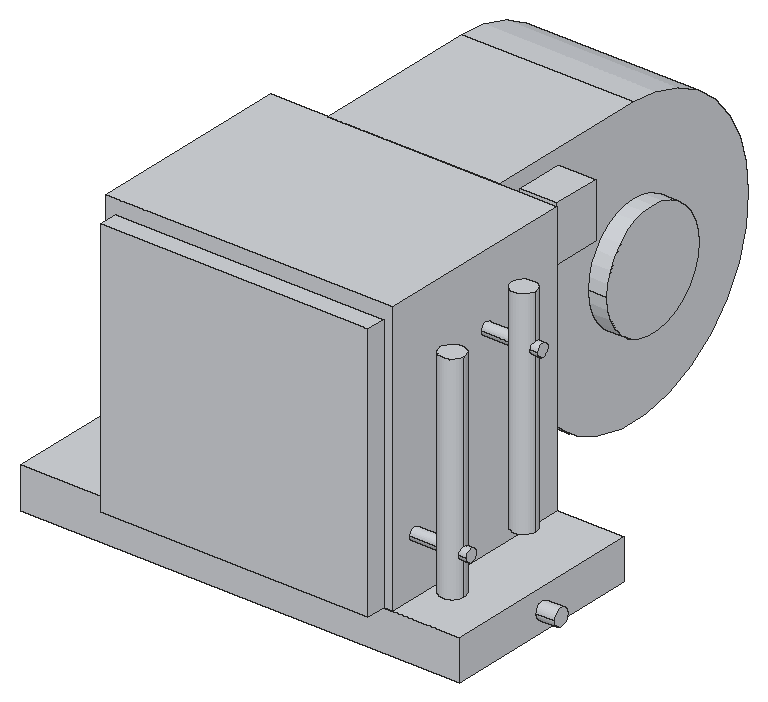
Revit family "5a932db30aa64702bc346e681067b5a9", category Mechanical Equipment, Revit 2021
Family settings
  Round Connector Dimension = Use Diameter
  Part Type = Normal
  OmniClass Number = 23.75.70.17.27
  OmniClass Title = Fan Coil Units
  Seek Item ID = Fan Coil Unit - Horizontal Ducted - CHW-0000-USA-ENU
  Work Plane-Based = No
  Always vertical = Yes
  Cut with Voids When Loaded = No
  Shared = No
  Room Calculation Point = No
Parameters (values of type "600 CFM")
  Water Pressure Drop [instance] = 1.40 psi
  Voltage = 120 V
  Unit Length = 1' - 11"
  Total Cooling Capacity = 19700 Btu/h
  Supply Air Width = 14"
  Sensible Cooling Capacity = 14400 Btu/h
  Number of Poles = 1
  Nominal Air Flow [instance] = 600 CFM
  Load Classification = Cooling
  Length 2 = 0' - 1 1/4"
  Length 1 = 0' - 6 1/2"
  Fan 2 = no
  Fan 1 = yes
  External Static Pressure [instance] = 0.30 in-wg
  Drain Flow [instance] = 0 GPM
  Default Elevation = 0' - 0"
  Coil Length = 1' - 3"
  Chilled Water Flow [instance] = 4 GPM
  CFU Material = none
  C2 Offset 1 = 0' - 3 5/8"
  Assembly Code = ""
  Apparent Load = 280 VA
Types (8): name | Water Pressure Drop | Unit Length | Total Cooling Capacity | Supply Air Width | Sensible Cooling Capacity | Nominal Air Flow | Length 2 | Length 1 | Fan 2 | Fan 1 | Coil Length | Chilled Water Flow | C2 Offset 1 | Apparent Load
  600 CFM | 1.40 psi | 1' - 11" | 19700 Btu/h | 14" | 14400 Btu/h | 600 CFM | 0' - 1 1/4" | 0' - 6 1/2" | no | yes | 1' - 3" | 4 GPM | 0' - 3 5/8" | 280 VA
  800 CFM | 3.10 psi | 2' - 4" | 29400 Btu/h | 19" | 20600 Btu/h | 800 CFM | 0' - 1 1/4" | 0' - 6 1/2" | no | yes | 1' - 8" | 6 GPM | 0' - 3 5/8" | 330 VA
  1000 CFM | 6.50 psi | 2' - 8" | 38500 Btu/h | 23" | 26400 Btu/h | 1000 CFM | 0' - 1 1/4" | 0' - 6 1/2" | no | yes | 2' - 0" | 8 GPM | 0' - 3 5/8" | 470 VA
  1200 CFM | 13.00 psi | 3' - 1" | 47600 Btu/h | 28" | 32300 Btu/h | 1200 CFM | 0' - 0" | 0' - 2" | yes | no | 2' - 5" | 10 GPM | 0' - 3 5/8" | 550 VA
  1400 CFM | 21.00 psi | 3' - 6" | 52800 Btu/h | 33" | 36500 Btu/h | 1400 CFM | 0' - 0" | 0' - 2" | yes | no | 2' - 10" | 11 GPM | 0' - 3 1/16" | 650 VA
  1600 CFM | 25.00 psi | 3' - 11" | 64700 Btu/h | 38" | 43600 Btu/h | 1600 CFM | 0' - 0" | 0' - 2" | yes | no | 3' - 3" | 15 GPM | 0' - 3 1/16" | 900 VA
  1800 CFM | 25.00 psi | 4' - 4" | 75700 Btu/h | 43" | 50400 Btu/h | 1800 CFM | 0' - 0" | 0' - 2" | yes | no | 3' - 8" | 19 GPM | 0' - 3 1/16" | 1180 VA
  2000 CFM | 25.00 psi | 4' - 8" | 82400 Btu/h | 47" | 55200 Btu/h | 2000 CFM | 0' - 0" | 0' - 2" | yes | no | 4' - 0" | 19 GPM | 0' - 3 1/16" | 1180 VA
Reference planes (in)
  plane 1 "Center (Front/Back)": y = 0
  plane 2: z = 0
  plane 3 "Center (Left/Right)": x = 0
  plane 4: y = 27
  plane 5: x = 23
  plane 6: x = 4.5
  plane 7: x = 19.5
  plane 8: x = 12
  plane 9: x = 5
  plane 10: x = 19
  plane 11: y = -1
  plane 12: y = 1.375
  plane 13: y = 9.375
  plane 14: y = 10.75
  plane 15: z = 16.375
  plane 16: z = 15.625
  plane 17: x = 21.5
  plane 18: y = 6.0625
  plane 19: y = 2.8125
  plane 20: z = 5.9375
  plane 21: z = 15.375
  plane 22: z = 14.375
  plane 23: z = 3.125
  plane 24: z = 4.125
  plane 25: x = 22.5
  plane 26: z = 12.75
  plane 27: z = 5.1875
  plane 28: y = 12
  plane 29: y = 19.5
  plane 30: z = 2.375
  plane 31: z = 1.375
  plane 32: z = 8.875
  plane 33: x = 7.5
  plane 34: x = 16.5
  plane 35: x = 12
  plane 36: x = 15.75
  plane 37: x = 8.25
  plane 38: x = 3.75
  plane 39: x = 12.75
  plane 40: x = 11.25
  plane 41: x = 20.25
  plane 42: x = 13.75
  plane 43: x = 17.5
  plane 44: x = 21.25
  plane 45: y = 5.375
  plane 46: x = 24
  plane 47: z = 1.0625
  plane 48: z = 2.125
  plane 49: x = 21
  plane 50: x = 18.5
  plane 51: y = 14.5
  plane 52: y = 12
Forms (in)
  Extrusion 1, solid, material <- "CFU Material"
    sketch origin (0, 0, 0) x (1, 0, 0) y (0, 1, 0)
      loop
        line (0, 10.75) -> (0, 0) -> (23, 0) -> (23, 10.75) -> (0, 10.75)
    from 0 to 2.125
  Extrusion 2, solid, material <- "CFU Material"
    sketch origin (0, 0, 0) x (1, 0, 0) y (0, 1, 0)
      loop
        line (4.5, 10.75) -> (4.5, 0) -> (19.5, 0) -> (19.5, 10.75) -> (4.5, 10.75)
    from 2.125 to 16.375
  Extrusion 3, solid, material <- "CFU Material"
    sketch origin (0, 0, 0) x (1, 0, 0) y (0, 1, 0)
      loop
        line (5, 0) -> (5, -1) -> (19, -1) -> (19, 0) -> (5, 0)
    from 2.125 to 15.625
  Extrusion 4, solid, material <- "CFU Material"
    sketch origin (0, 0, 0) x (1, 0, 0) y (0, 1, 0)
      loop
        circle (21.5, 6.0625) r 0.625
    from 4.125 to 15.375
  Extrusion 5, solid, material <- "CFU Material"
    sketch origin (0, 0, 0) x (1, 0, 0) y (0, 1, 0)
      loop
        circle (21.5, 1.375) r 0.625
    from 3.125 to 14.375
  Extrusion 6, solid, material <- "CFU Material"
    sketch origin (0, 0, 0) x (0, 1, 0) y (0, 0, 1)
      loop
        circle (6.0625, 12.75) r 0.3125
    from 19.5 to 22.5
  Extrusion 7, solid, material <- "CFU Material"
    sketch origin (0, 0, 0) x (0, 1, 0) y (0, 0, 1)
      loop
        circle (1.375, 5.1875) r 0.3125
    from 19.5 to 22.5
  Extrusion 8, solid, material <- "CFU Material", visible <- "Fan 2"
    sketch origin (0, 0, 0) x (0, 1, 0) y (0, 0, 1)
      loop
        circle (19.5, 8.875) r 7.5
    from 11.25 to 20.25
  Extrusion 9, solid, material <- "CFU Material", visible <- "Fan 2"
    sketch origin (0, 0, 0) x (1, 0, 0) y (0, 1, 0)
      loop
        line (11.25, 19.5) -> (11.25, 10.75) -> (20.25, 10.75) -> (20.25, 19.5) -> (11.25, 19.5)
    from 8.875 to 16.375
  Extrusion 10, solid, material <- "CFU Material", visible <- "Fan 2"
    sketch origin (0, 0, 0) x (0, 1, 0) y (0, 0, 1)
      loop
        circle (19.5, 8.875) r 7.5
    from 3.75 to 12.75
  Extrusion 11, solid, material <- "CFU Material", visible <- "Fan 2"
    sketch origin (0, 0, 0) x (0, 1, 0) y (0, 0, 1)
      loop
        line (10.75, 16.375) -> (10.75, 8.875) -> (19.5, 8.875) -> (19.5, 16.375) -> (10.75, 16.375)
    from 3.75 to 12.75
  Extrusion 12, solid, material <- "CFU Material", visible <- "Fan 1"
    sketch origin (0, 0, 0) x (0, 1, 0) y (0, 0, 1)
      loop
        circle (19.5, 8.875) r 7.5
    from 7.5 to 16.5
  Extrusion 13, solid, material <- "CFU Material", visible <- "Fan 1"
    sketch origin (0, 0, 0) x (0, 1, 0) y (0, 0, 1)
      loop
        line (10.75, 16.375) -> (10.75, 8.875) -> (19.5, 8.875) -> (19.5, 16.375) -> (10.75, 16.375)
    from 7.5 to 16.5
  Extrusion 14, solid, material <- "CFU Material", visible <- "Fan 1"
    sketch origin (0, 0, 0) x (0, 1, 0) y (0, 0, 1)
      loop
        circle (19.5, 8.875) r 3
    from 16.5 to 17.5
  Extrusion 15, solid, material <- "CFU Material", visible <- "Fan 2"
    sketch origin (0, 0, 0) x (0, 1, 0) y (0, 0, 1)
      loop
        circle (19.5, 8.875) r 3
    from 12.75 to 13.75
  Extrusion 16, solid, material <- "CFU Material", visible <- "Fan 2"
    sketch origin (0, 0, 0) x (0, 1, 0) y (0, 0, 1)
      loop
        circle (19.5, 8.875) r 3
    from 20.25 to 21.25
  Extrusion 17, solid, material <- "CFU Material"
    sketch origin (0, 0, 0) x (0, 1, 0) y (0, 0, 1)
      loop
        circle (5.375, 1.0625) r 0.4375
    from 23 to 24
  Extrusion 18, solid, material <- "CFU Material"
    sketch origin (0, 0, 0) x (1, 0, 0) y (0, 1, 0)
      loop
        line (12, 14.5) -> (12, 12) -> (18.5, 12) -> (18.5, 14.5) -> (12, 14.5)
    from 12.75 to 15.625
Cuts and joins
  joined: Extrusion 8, Extrusion 9, Extrusion 16
  joined: Extrusion 10, Extrusion 11, Extrusion 15
  joined: Extrusion 12, Extrusion 13, Extrusion 14
  joined: Extrusion 1, Extrusion 4, Extrusion 5, Extrusion 6, Extrusion 7, Extrusion 17
Dimensions and locks (in)
  "Unit Length": plane 3 "Center (Left/Right)" to plane 5
  locked: plane 4 to plane 1 "Center (Front/Back)" at 27
  locked: plane 3 "Center (Left/Right)" to plane 6 at 4.5
  "Coil Length": plane 6 to plane 7
  equal spacing: plane 6, plane 8, plane 7
  equal spacing: plane 9, plane 8, plane 10
  "Supply Air Width": plane 9 to plane 10
  locked: plane 1 "Center (Front/Back)" to plane 11 at 1
  locked: plane 12 to plane 1 "Center (Front/Back)" at 1.375
  locked: plane 13 to plane 12 at 8
  locked: plane 14 to plane 13 at 1.375
  locked: plane 15 to plane 2 at 16.375
  Extrusion 1 sketch curve to Extrusion 1 sketch curve = 0' - 10 3/4"
  locked: plane 7 to plane 17 at 2
  locked: plane 18 to plane 1 "Center (Front/Back)" at 6.0625
  locked: plane 19 to plane 1 "Center (Front/Back)" at 2.8125
  locked: plane 15 to plane 20 at 10.4375
  locked: plane 15 to plane 21 at 1
  locked: plane 21 to plane 22 at 1
  locked: plane 24 to plane 23 at 1
  locked: plane 17 to plane 25 at 1
  "C2 Offset 1": plane 15 to plane 26
  locked: plane 16 to plane 27 at 10.4375
  locked: plane 28 to plane 14 at 1.25
  equal spacing: plane 4, plane 29, plane 28
  equal spacing: plane 15, plane 32, plane 31
  equal spacing: plane 33, plane 8, plane 34
  locked: plane 33 to plane 8 at 4.5
  equal spacing: plane 6, plane 37, plane 35, plane 36, plane 7
  equal spacing: plane 38, plane 37, plane 39
  equal spacing: plane 40, plane 36, plane 41
  locked: plane 38 to plane 37 at 4.5
  locked: plane 40 to plane 36 at 4.5
  locked: plane 39 to plane 42 at 1
  locked: plane 34 to plane 43 at 1
  locked: plane 41 to plane 44 at 1
  equal spacing: plane 13, plane 45, plane 12
  locked: plane 5 to plane 46 at 1
  equal spacing: plane 2, plane 47, plane 48
  "Length 1": plane 8 to plane 50
  locked: plane 51 to plane 28 at 2.5
  "Length 2": plane 52 to plane 14
  radius of Extrusion 4 sketch curve = 0' - 0 5/8"
  radius of Extrusion 5 sketch curve = 0' - 0 5/8"
  radius of Extrusion 8 sketch curve = 0' - 7 1/2"
  radius of Extrusion 10 sketch curve = 0' - 7 1/2"
  radius of Extrusion 12 sketch curve = 0' - 7 1/2"
  radius of Extrusion 14 sketch curve = 0' - 3"
  radius of Extrusion 15 sketch curve = 0' - 3"
  aligned and locked: Extrusion 1 to plane 2
  aligned and locked: Extrusion 2 sketch curve to plane 7
  aligned and locked: plane 6 to Extrusion 2 sketch curve
  aligned and locked: Extrusion 2 sketch curve to plane 14
  aligned and locked: plane 15 to Extrusion 2
  aligned and locked: Extrusion 1 sketch curve to plane 1 "Center (Front/Back)"
  aligned and locked: Extrusion 1 sketch curve to plane 5
  aligned and locked: plane 3 "Center (Left/Right)" to Extrusion 1 sketch curve
  aligned and locked: Extrusion 2 sketch curve to plane 1 "Center (Front/Back)"
  aligned and locked: plane 9 to Extrusion 3 sketch curve
  aligned and locked: plane 10 to Extrusion 3 sketch curve
  aligned and locked: plane 1 "Center (Front/Back)" to Extrusion 3 sketch curve
  aligned and locked: plane 16 to Extrusion 3
  aligned and locked: plane 18 to Extrusion 4 sketch curve
  aligned and locked: plane 17 to Extrusion 4 sketch curve
  aligned and locked: plane 17 to Extrusion 5 sketch curve
  aligned and locked: Extrusion 4 to plane 21
  aligned and locked: Extrusion 5 to plane 22
  aligned and locked: plane 24 to Extrusion 4
  aligned and locked: plane 23 to Extrusion 5
  aligned and locked: plane 26 to Extrusion 6 sketch curve
  aligned and locked: plane 18 to Extrusion 6 sketch curve
  aligned and locked: plane 27 to Extrusion 7 sketch curve
  aligned and locked: plane 12 to Extrusion 7 sketch curve
  aligned and locked: plane 25 to Extrusion 6
  aligned and locked: Extrusion 6 to plane 7
  aligned and locked: plane 25 to Extrusion 7
  aligned and locked: Extrusion 7 to plane 7
  aligned and locked: plane 32 to Extrusion 8 sketch curve
  aligned and locked: plane 29 to Extrusion 8 sketch curve
  aligned and locked: Extrusion 8 to plane 41
  aligned and locked: Extrusion 8 to plane 40
  aligned and locked: plane 40 to Extrusion 9 sketch curve
  aligned and locked: plane 41 to Extrusion 9 sketch curve
  aligned and locked: Extrusion 9 sketch curve to plane 29
  aligned and locked: plane 14 to Extrusion 9 sketch curve
  aligned and locked: plane 15 to Extrusion 9
  aligned and locked: Extrusion 9 to plane 32
  aligned and locked: plane 32 to Extrusion 10 sketch curve
  aligned and locked: Extrusion 10 to plane 39
  aligned and locked: Extrusion 10 to plane 38
  aligned and locked: Extrusion 11 sketch curve to plane 15
  aligned and locked: plane 14 to Extrusion 11 sketch curve
  aligned and locked: plane 32 to Extrusion 11 sketch curve
  aligned and locked: Extrusion 11 sketch curve to plane 29
  aligned and locked: Extrusion 11 to plane 39
  aligned and locked: Extrusion 11 to plane 38
  aligned and locked: plane 32 to Extrusion 12 sketch curve
  aligned and locked: plane 29 to Extrusion 12 sketch curve
  aligned and locked: Extrusion 12 to plane 34
  aligned and locked: Extrusion 12 to plane 33
  aligned and locked: Extrusion 13 sketch curve to plane 15
  aligned and locked: Extrusion 13 sketch curve to plane 29
  aligned and locked: plane 32 to Extrusion 13 sketch curve
  aligned and locked: plane 14 to Extrusion 13 sketch curve
  aligned and locked: Extrusion 13 to plane 33
  aligned and locked: Extrusion 13 to plane 34
  aligned and locked: plane 32 to Extrusion 14 sketch curve
  aligned and locked: plane 29 to Extrusion 14 sketch curve
  aligned and locked: plane 43 to Extrusion 14
  aligned and locked: plane 34 to Extrusion 14
  aligned and locked: plane 32 to Extrusion 15 sketch curve
  aligned and locked: plane 29 to Extrusion 15 sketch curve
  aligned and locked: plane 42 to Extrusion 15
  aligned and locked: plane 39 to Extrusion 15
  aligned and locked: plane 29 to Extrusion 16 sketch curve
  aligned and locked: plane 32 to Extrusion 16 sketch curve
  aligned and locked: plane 44 to Extrusion 16
  aligned and locked: plane 41 to Extrusion 16
  aligned and locked: plane 45 to Extrusion 17 sketch curve
  aligned and locked: plane 47 to Extrusion 17 sketch curve
  aligned and locked: plane 46 to Extrusion 17
  aligned and locked: Extrusion 17 to plane 5
  aligned and locked: plane 8 to Extrusion 18 sketch curve
  aligned and locked: Extrusion 18 sketch curve to plane 50
  aligned and locked: Extrusion 18 sketch curve to plane 51
  aligned and locked: Extrusion 18 to plane 52
  aligned and locked: Extrusion 18 to plane 26
  aligned and locked: plane 16 to Extrusion 18
Automatic sketch dimensions
  plane 11 to Extrusion 3 sketch curve = 0' - 0"
  Extrusion 5 sketch curve to plane 12 = 0' - 0"
  Extrusion 10 sketch curve to plane 29 = 0' - 0"
  Extrusion 18 sketch curve to plane 28 = 0' - 0"
  radius of Extrusion 6 sketch curve = 0' - 0 5/16"
  radius of Extrusion 7 sketch curve = 0' - 0 5/16"
  radius of Extrusion 16 sketch curve = 0' - 3"
  radius of Extrusion 17 sketch curve = 0' - 0 7/16"
Connectors (in)
  piping at (22.5, 1.375, 5.1875), diameter 0.625, driven by "Chilled Water Flow"
    settings: on cut or joined group of Extrusion 1, Extrusion 4, Extrusion 5, Extrusion 6, Extrusion 7, Extrusion 17, index 1, connector inside diameter 5/8", connector length 0' - 0", flow factor 0, pipe flow 4 GPM, pressure drop 0.00 psi, fitting loss kfactor 0, connector angle 0.00°, fixture units 0, engagement length 0' - 0", angle of deflection 0.00°, flow configuration 1, flow direction 1, fitting loss method 4, system type 7, joint type 0, gender type 0, connector reference index 2, connector utility 0, adjustable connector no, is connector primary yes, connector description "Chilled Water,In"
  piping at (22.5, 6.0625, 12.75), diameter 0.625, driven by "Chilled Water Flow", driven by "Water Pressure Drop"
    settings: on cut or joined group of Extrusion 1, Extrusion 4, Extrusion 5, Extrusion 6, Extrusion 7, Extrusion 17, index 2, connector inside diameter 5/8", connector length 0' - 0", flow factor 0, pipe flow 4 GPM, pressure drop 1.40 psi, fitting loss kfactor 0, connector angle 0.00°, fixture units 0, engagement length 0' - 0", angle of deflection 0.00°, flow configuration 1, flow direction 2, fitting loss method 4, system type 8, joint type 0, gender type 0, connector reference index 1, connector utility 0, adjustable connector no, is connector primary no, connector description "Chilled Water,Out"
  piping at (24, 5.375, 1.0625), diameter 0.875, driven by "Drain Flow"
    settings: on cut or joined group of Extrusion 1, Extrusion 4, Extrusion 5, Extrusion 6, Extrusion 7, Extrusion 17, index 3, connector inside diameter 7/8", connector length 0' - 0", flow factor 0, pipe flow 0 GPM, pressure drop 0.00 psi, fitting loss kfactor 0, connector angle 0.00°, fixture units 0, engagement length 0' - 0", angle of deflection 0.00°, flow configuration 1, flow direction 2, fitting loss method 0, system type 16, joint type 0, gender type 0, connector reference index -1, connector utility 0, adjustable connector yes, is connector primary no, connector description "Drain,Out"
  hvac at (12, -1, 8.875), driven by "Nominal Air Flow", driven by "Supply Air Width", driven by "External Static Pressure"
    settings: on Extrusion 3, index 4, duct flow 600 CFM, flow factor 0, pres drop 0.30 in-wg, loss coef 0, conn angle 0.00°, conn width 14", conn height 13 1/2", conn diameter 24", duct sys type 1, conn prof type 1, flow config 0, flow direction 2, loss method 4, conn ref index -1, conn util no, is conn primary yes, conn desc ""
  electrical at (18.5, 13.25, 14.1875), driven by "Apparent Load", driven by "Voltage", driven by "Number of Poles", driven by "Load Classification"
    settings: on Extrusion 18, index 5, voltage 120 V, apparent load 280 VA, apparent load phase1 0 VA, apparent load phase2 0 VA, apparent load phase3 0 VA, power factor 0.8, load classification "Cooling", number of poles 1, system type 30, power factor state 1, is connector primary yes, connector utility no, sub classification motor no, connector description ""
